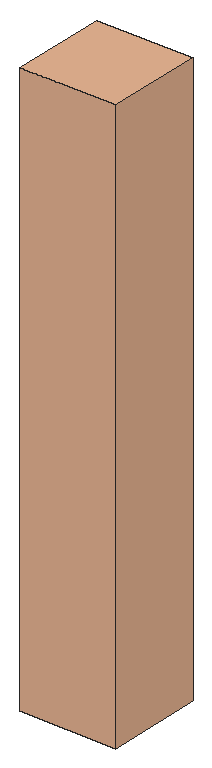
Revit family "EFPreManfactureWall", category Structural Columns, Revit 2021
Family settings
  Section Shape = Not Defined
  Material for Model Behavior = Other
  Always export as geometry = No
  Beam cutback in plan = From bounding box
  OmniClass Number = 23.25.30.11.14.11
  OmniClass Title = Columns
  Cut with Voids When Loaded = No
  Symbolic Representation = From Family
  Shared = No
  Show family pre-cut in plan views = Yes
Parameters
  b = 2' - 0"
  d = 2' - 0"
  ParentName = ""
  Height [instance] = 12' - 0"
Reference planes (in)
  plane 1 "Center (Front/Back)": y = 0
  plane 2: z = 0
  plane 3 "Center (Left/Right)": x = 0
  plane 4 "Left": x = -12
  plane 5 "Right": x = 12
  plane 6 "Back": y = 12
  plane 7 "Front": y = -12
Forms (in)
  Extrusion 1, solid, material "Wood"
    sketch origin (0, 0, 0) x (1, 0, 0) y (0, 1, 0)
      loop
        line (12, -12) -> (12, 12) -> (-12, 12) -> (-12, -12) -> (12, -12)
    from 0 to 144
Dimensions and locks (in)
  equal spacing: plane 4 "Left", plane 3 "Center (Left/Right)", plane 5 "Right"
  equal spacing: plane 7 "Front", plane 1 "Center (Front/Back)", plane 6 "Back"
  "d": plane 7 "Front" to plane 6 "Back"
  "b": plane 4 "Left" to plane 5 "Right"
  "Height": Extrusion 1 to Extrusion 1
  aligned and locked: level to plane 2
Automatic sketch dimensions
  Extrusion 1 sketch curve to plane 6 "Back" = 0' - 0"
  Extrusion 1 sketch curve to plane 5 "Right" = 0' - 0"
  plane 7 "Front" to Extrusion 1 sketch curve = 0' - 0"
  plane 4 "Left" to Extrusion 1 sketch curve = 0' - 0"
